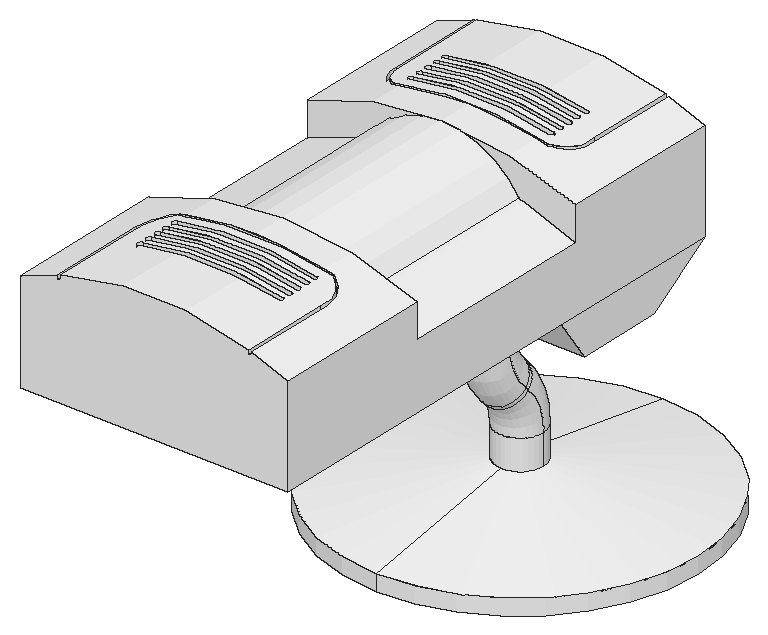
Revit family "Sensor-Lutron-Wall_Mount-Occupancy-12ft-LOS-WDT", category Lighting Devices, host Face, Revit 2017
Family settings
  Host = Face
  Maintain Annotation Orientation = Yes
  Round Connector Dimension = Use Diameter
  Part Type = Normal
  OmniClass Number = 23.85.80.11.27
  OmniClass Title = Lighting Controls
  Cut with Voids When Loaded = No
  Shared = No
  Room Calculation Point = No
Parameters (values of type "LOS-WDT-R-WH")
  Warranty URL = "http://www.lutron.com/en-US/Service-Support/Pages/Service/Warranty/Warranty.aspx"
  Voltage Comments = "20-24VDC"
  Video Link = "https://www.youtube.com/user/LutronElectronicsInc"
  Version = "2017 - v1.0b"  # constant formula
  Ultrasonic Minor Motion Detection [instance] = no
  Ultrasonic Major Motion Detection [instance] = no
  Ultrasonic Minor Motion = 23' - 0"  # constant formula
  Ultrasonic Major Motion = 32' - 0"  # constant formula
  Support Phone = "(224) 699-9545"  # constant formula
  Support Email = "mailto: support@anguleris.com"
  Series = "LOS-W"  # constant formula
  Sensor Material = Plastic-Lutron-White-Gloss
  Range Diagram Height = 12' - 0"  # constant formula
  Product Page URL = "http://www.lutron.com/en-US/products/Pages/sensors/occupancy-vacancy/loswseries/overview.aspx"
  Product Name = "Dual Technology Wall Mount Occupancy Sensor"
  Product Documentation Link = "http://www.lutron.com/TechnicalDocumentLibrary/LOS-WDT%20Series.pdf"
  Performance URL = "http://www.lutron.com/en-US/Service-Support/Pages/Technical/PerfomanceSpecs.aspx"
  Nominal Width = 0' - 3 77/128"  # constant formula
  Nominal Height = 0' - 6 13/32"  # constant formula
  Nominal Depth = 0' - 3 115/128"  # constant formula
  URL = "http://www.lutron.com"
  Type Comments = ""
  Model = "LOS-WDT-R-WH"
  Manufacturer Phone Number = "610-282-3800"  # constant formula
  Manufacturer Fax Number = "610-282-1243"  # constant formula
  Manufacturer Email = "mailto:support@lutron.com"
  Manufacturer Address = "7200 Suter Rd, Coopersburg, PA 18036"  # constant formula
  Manufacturer = "Lutron Electronics Co., Inc"  # constant formula
  Keynote = ""
  Instruction Sheet Link = "http://www.lutron.com/TechnicalDocumentLibrary/031259a.pdf"
  Infrared Minor Motion Detection [instance] = no
  Infrared Minor Motion = 20' - 0"  # constant formula
  Infrared Major Motion Detection [instance] = no
  Infrared Major Motion = 40' - 0"  # constant formula
  Height = 0' - 5 1/4"  # constant formula
  Field of View = 110.00°
  Description = "Dual Technology Wall Mount Occupancy Sensor"
  Default Elevation = 6' - 0"
  Coverage = 1600.00 SF
  Cost Info = "mailto:sales@lutron.com"
  Cost = 0
  Copyright = "© 2019 Lutron Electronics Co., Inc."  # constant formula
  Assembly Code = "D5030800"
Types (2): name | Model | Default Elevation
  LOS-WDT-R-WH | "LOS-WDT-R-WH" | 6' - 0"
  LOS-WDT-WH | "LOS-WDT-WH" | 8' - 0"
Reference planes (in)
  plane 1 "Center (Front/Back)": y = 0
  plane 2: z = 0
  plane 3 "Center (Left/Right)": x = 0
  plane 4: x = -1.80078
  plane 5: x = 1.80078
  plane 6: y = 1.8
  plane 7: z = 3.89844
  plane 8: x = 1.34961
  plane 9: x = -1.34961
  plane 10: y = 0.63762
  plane 11: y = -4.61238
  plane 12: y = -1.98738
Forms (in)
  Extrusion 1, solid, material "Plastic-Lutron-White-Gloss" <- "Sensor Material"
    sketch origin (11.26288, -5.86238, 11.87143) x (1, 0, 0) y (0, 0, -1)
      loop
        arc (-12.61249, 8.25928) -> (-11.26288, 7.97298) -> (-9.91328, 8.25928) r 3.32416
        line (-9.91328, 8.25928) -> (-9.91328, 9.26528) -> (-12.61249, 9.26528) -> (-12.61249, 8.25928)
    from 1.25 to 6.5
  Extrusion 2, solid, material "Plastic-Lutron-White-Gloss" <- "Sensor Material"
    sketch origin (0, -6.17006, 1.35771) x (0, 0, 1) y (0, -1, 0)
      loop
        line (0.83206, -6.17006) -> (1.24844, -6.80768) -> (1.24844, -5.00864) -> (0.83206, -5.30019) -> (0.83206, -6.17006)
    from -1.34961 to 1.34961
  Extrusion 3, void, detail levels medium+fine
    sketch origin (11.26288, -5.98738, 3.96126) x (1, 0, 0) y (0, 0, -1)
      loop
        arc (-12.61249, 0.28785) -> (-11.26288, 0.00618) -> (-9.91328, 0.28785) r 3.37409
        line (-9.91328, 0.28785) -> (-9.91328, 0.69358)
        arc (-9.91328, 0.69358) -> (-11.26288, 0.39364) -> (-12.61249, 0.69358) r 3.18633
        line (-12.61249, 0.69358) -> (-12.61249, 0.28785)
    from 3 to 5
  Sweep 4, solid, material "Plastic-Lutron-White-Gloss" <- "Sensor Material"
    path origin (0, -6.36238, 3.9) x (0, 0, -1) y (0, 1, 0)
      loop
        line (1.71024, 5.92744) -> (2.16622, 5.92744)
        arc (2.16622, 5.92744) -> (2.43786, 5.98148) -> (2.66814, 6.13535) r 0.70982
        line (2.66814, 6.13535) -> (2.70111, 6.16831)
        arc (2.70111, 6.16831) -> (2.91607, 6.31194) -> (3.16963, 6.36238) r 0.66259
        line (3.16963, 6.36238) -> (3.47292, 6.36238)
    profile origin (0, -0.43494, 1.96177) x (1, 0, 0) y (0, 1, 0)
      loop
        circle (0, 0) r 0.23664
  Extrusion 5, solid, material "Plastic-Lutron-Clear"
    sketch origin (0, -1.68932, -0.16738) x (1, 0, 0) y (0, 0, 1)
      loop
        arc (-0.77556, 3.63917) -> (0, 3.735) -> (0.77556, 3.63917) r 3.18633
        arc (0.77556, 3.63917) -> (0, 4.06582) -> (-0.77556, 3.63917) r 0.91822
    from -0.70194 to 1.29806
  Extrusion 6, void, detail levels medium+fine
    sketch origin (0, -1.68932, -0.3033) x (1, 0, 0) y (0, 1, 0)
      loop
        arc (-0.7002, 1.65104) -> (-0.72642, 1.62482) -> (-0.7002, 1.5986) r 0.02622
        line (-0.7002, 1.5986) -> (0.71192, 1.5986)
        arc (0.71192, 1.5986) -> (0.73814, 1.62482) -> (0.71192, 1.65104) r 0.02622
        line (0.71192, 1.65104) -> (-0.7002, 1.65104)
      loop
        line (-0.97402, 2.32694) -> (-0.97402, 1.33689)
        arc (-0.97402, 1.33689) -> (-0.91632, 1.16066) -> (-0.77824, 1.03688) r 0.35824
        line (-0.77824, 1.03688) -> (0.78995, 1.03688)
        arc (0.78995, 1.03688) -> (0.93828, 1.17732) -> (0.98574, 1.37599) r 0.35824
        line (0.98574, 1.37599) -> (0.98574, 2.32694) -> (0.95475, 2.32694) -> (0.95475, 1.42956)
        arc (0.95475, 1.42956) -> (0.93199, 1.21608) -> (0.78425, 1.06032) r 0.3348
        line (0.78425, 1.06032) -> (-0.77254, 1.06032)
        arc (-0.77254, 1.06032) -> (-0.92027, 1.21608) -> (-0.94303, 1.42956) r 0.3348
        line (-0.94303, 1.42956) -> (-0.94303, 2.32694) -> (-0.97402, 2.32694)
      loop
        arc (-0.7002, 1.54228) -> (-0.72642, 1.51606) -> (-0.7002, 1.48984) r 0.02622
        line (-0.7002, 1.48984) -> (0.71192, 1.48984)
        arc (0.71192, 1.48984) -> (0.73814, 1.51606) -> (0.71192, 1.54228) r 0.02622
        line (0.71192, 1.54228) -> (-0.7002, 1.54228)
      loop
        arc (-0.7002, 1.43352) -> (-0.72642, 1.4073) -> (-0.7002, 1.38108) r 0.02622
        line (-0.7002, 1.38108) -> (0.71192, 1.38108)
        arc (0.71192, 1.38108) -> (0.73814, 1.4073) -> (0.71192, 1.43352) r 0.02622
        line (0.71192, 1.43352) -> (-0.7002, 1.43352)
      loop
        arc (-0.7002, 1.32476) -> (-0.72642, 1.29854) -> (-0.7002, 1.27232) r 0.02622
        line (-0.7002, 1.27232) -> (0.71192, 1.27232)
        arc (0.71192, 1.27232) -> (0.73814, 1.29854) -> (0.71192, 1.32476) r 0.02622
        line (0.71192, 1.32476) -> (-0.7002, 1.32476)
      loop
        arc (-0.7002, 1.216) -> (-0.72642, 1.18978) -> (-0.7002, 1.16356) r 0.02622
        line (-0.7002, 1.16356) -> (0.71192, 1.16356)
        arc (0.71192, 1.16356) -> (0.73814, 1.18978) -> (0.71192, 1.216) r 0.02622
        line (0.71192, 1.216) -> (-0.7002, 1.216)
      loop
        line (-0.7002, -2.24716) -> (0.71192, -2.24716)
        arc (0.71192, -2.24716) -> (0.73814, -2.22094) -> (0.71192, -2.19472) r 0.02622
        line (0.71192, -2.19472) -> (-0.7002, -2.19472)
        arc (-0.7002, -2.19472) -> (-0.72642, -2.22094) -> (-0.7002, -2.24716) r 0.02622
      loop
        line (-0.97402, -2.92306) -> (-0.94303, -2.92306) -> (-0.94303, -2.02568)
        arc (-0.94303, -2.02568) -> (-0.92027, -1.81221) -> (-0.77254, -1.65644) r 0.3348
        line (-0.77254, -1.65644) -> (0.78425, -1.65644)
        arc (0.78425, -1.65644) -> (0.93199, -1.81221) -> (0.95475, -2.02568) r 0.3348
        line (0.95475, -2.02568) -> (0.95475, -2.92306) -> (0.98574, -2.92306) -> (0.98574, -1.97211)
        arc (0.98574, -1.97211) -> (0.93828, -1.77344) -> (0.78995, -1.63301) r 0.35824
        line (0.78995, -1.63301) -> (-0.77824, -1.63301)
        arc (-0.77824, -1.63301) -> (-0.91632, -1.75678) -> (-0.97402, -1.93301) r 0.35824
        line (-0.97402, -1.93301) -> (-0.97402, -2.92306)
      loop
        line (-0.7002, -2.1384) -> (0.71192, -2.1384)
        arc (0.71192, -2.1384) -> (0.73814, -2.11218) -> (0.71192, -2.08596) r 0.02622
        line (0.71192, -2.08596) -> (-0.7002, -2.08596)
        arc (-0.7002, -2.08596) -> (-0.72642, -2.11218) -> (-0.7002, -2.1384) r 0.02622
      loop
        line (-0.7002, -2.02964) -> (0.71192, -2.02964)
        arc (0.71192, -2.02964) -> (0.73814, -2.00342) -> (0.71192, -1.9772) r 0.02622
        line (0.71192, -1.9772) -> (-0.7002, -1.9772)
        arc (-0.7002, -1.9772) -> (-0.72642, -2.00342) -> (-0.7002, -2.02964) r 0.02622
      loop
        line (-0.7002, -1.92088) -> (0.71192, -1.92088)
        arc (0.71192, -1.92088) -> (0.73814, -1.89466) -> (0.71192, -1.86844) r 0.02622
        line (0.71192, -1.86844) -> (-0.7002, -1.86844)
        arc (-0.7002, -1.86844) -> (-0.72642, -1.89466) -> (-0.7002, -1.92088) r 0.02622
      loop
        line (-0.7002, -1.81212) -> (0.71192, -1.81212)
        arc (0.71192, -1.81212) -> (0.73814, -1.7859) -> (0.71192, -1.75968) r 0.02622
        line (0.71192, -1.75968) -> (-0.7002, -1.75968)
        arc (-0.7002, -1.75968) -> (-0.72642, -1.7859) -> (-0.7002, -1.81212) r 0.02622
    from 4.01929 to 4.32674
  Revolve 7, solid, material "Plastic-Lutron-White-Gloss" <- "Sensor Material"
    sketch origin (0, 0, 0) x (0, 1, 0) y (0, 0, 1)
      loop
        line (0, 0.42864) -> (0, 0) -> (1.8, 0) -> (1.8, 0.16422) -> (0.23664, 0.42864) -> (0, 0.42864)
      axis (0, 0.42864) -> (0, 0)
    angle from 0 to 360
  Extrusion 8, solid, material "Infrared Minor Motion Detection", visible <- "Infrared Minor Motion Detection"
    sketch origin (0, 0, 0) x (1, 0, 0) y (0, 0, 1)
      loop
        line (-240, 0) -> (240, 0)
        arc (240, 0) -> (0, 240) -> (-240, 0) r 240
    from -1.8 to -1.675
  Extrusion 9, void
    sketch origin (0, 0, 0) x (1, 0, 0) y (0, 0, 1)
      loop
        arc (24.98185, 479.34946) -> (0, 480) -> (-24.98185, 479.34946) r 480
        line (-24.98185, 479.34946) -> (-0.06981, 3.99939)
        arc (-0.06981, 3.99939) -> (0, 4) -> (0.06981, 3.99939) r 4
        line (0.06981, 3.99939) -> (24.98185, 479.34946)
      loop
        arc (480, 0) -> (460.25109, 136.26787) -> (402.62945, 261.32264) r 480
        line (402.62945, 261.32264) -> (3.42066, 2.07342)
        arc (3.42066, 2.07342) -> (3.55661, 1.83045) -> (3.67532, 1.5786) r 4
        line (3.67532, 1.5786) -> (189.74119, 89.99044)
        arc (189.74119, 89.99044) -> (193.06097, 82.62846) -> (196.09522, 75.14429) r 210
        line (196.09522, 75.14429) -> (3.77598, 1.31985)
        arc (3.77598, 1.31985) -> (3.79844, 1.25374) -> (3.81974, 1.18726) r 4
        line (3.81974, 1.18726) -> (199.73769, 64.84486)
        arc (199.73769, 64.84486) -> (201.9811, 57.47725) -> (203.95285, 50.03232) r 210
        line (203.95285, 50.03232) -> (3.8929, 0.91943)
        arc (3.8929, 0.91943) -> (3.93554, 0.71519) -> (3.96748, 0.50901) r 4
        line (3.96748, 0.50901) -> (136.31939, 21.47149)
        arc (136.31939, 21.47149) -> (137.00452, 16.54575) -> (137.51172, 11.59853) r 138
        line (137.51172, 11.59853) -> (3.98283, 0.37024)
        arc (3.98283, 0.37024) -> (3.99328, 0.23178) -> (3.99892, 0.09305) r 4
        line (3.99892, 0.09305) -> (137.93018, 4.38914)
        arc (137.93018, 4.38914) -> (137.98254, 2.19485) -> (138, 0) r 138
        line (138, 0) -> (480, 0)
      loop
        line (-480, 0) -> (-138, 0)
        arc (-138, 0) -> (-137.98254, 2.19485) -> (-137.93018, 4.38914) r 138
        line (-137.93018, 4.38914) -> (-3.99892, 0.09305)
        arc (-3.99892, 0.09305) -> (-3.99328, 0.23178) -> (-3.98283, 0.37024) r 4
        line (-3.98283, 0.37024) -> (-137.51172, 11.59853)
        arc (-137.51172, 11.59853) -> (-137.00452, 16.54575) -> (-136.31939, 21.47149) r 138
        line (-136.31939, 21.47149) -> (-3.96748, 0.50901)
        arc (-3.96748, 0.50901) -> (-3.93554, 0.71519) -> (-3.8929, 0.91943) r 4
        line (-3.8929, 0.91943) -> (-203.95285, 50.03232)
        arc (-203.95285, 50.03232) -> (-201.9811, 57.47725) -> (-199.73769, 64.84486) r 210
        line (-199.73769, 64.84486) -> (-3.81974, 1.18726)
        arc (-3.81974, 1.18726) -> (-3.79844, 1.25374) -> (-3.77598, 1.31985) r 4
        line (-3.77598, 1.31985) -> (-196.09522, 75.14429)
        arc (-196.09522, 75.14429) -> (-193.06097, 82.62846) -> (-189.74119, 89.99044) r 210
        line (-189.74119, 89.99044) -> (-3.67532, 1.5786)
        arc (-3.67532, 1.5786) -> (-3.55661, 1.83045) -> (-3.42066, 2.07342) r 4
        line (-3.42066, 2.07342) -> (-408.29236, 252.38334)
        arc (-408.29236, 252.38334) -> (-461.72521, 131.18626) -> (-480, 0) r 480
      loop
        arc (115.75325, 465.83386) -> (91.3518, 471.22696) -> (66.70274, 475.34277) r 480
        line (66.70274, 475.34277) -> (0.69262, 3.93958)
        arc (0.69262, 3.93958) -> (0.76127, 3.92689) -> (0.82968, 3.91301) r 4
        line (0.82968, 3.91301) -> (115.75325, 465.83386)
      loop
        arc (202.29336, 435.29001) -> (179.3643, 445.22854) -> (155.94906, 453.96023) r 480
        line (155.94906, 453.96023) -> (1.42972, 3.73576)
        arc (1.42972, 3.73576) -> (1.4947, 3.71024) -> (1.55923, 3.68359) r 4
        line (1.55923, 3.68359) -> (202.29336, 435.29001)
      loop
        arc (294.83746, 378.77549) -> (274.7243, 393.60711) -> (253.86648, 407.37183) r 480
        line (253.86648, 407.37183) -> (2.23178, 3.31951)
        arc (2.23178, 3.31951) -> (2.28937, 3.28006) -> (2.34627, 3.2396) r 4
        line (2.34627, 3.2396) -> (294.83746, 378.77549)
      loop
        arc (367.65129, 308.59768) -> (353.58828, 324.61566) -> (338.82801, 339.9935) r 480
        line (338.82801, 339.9935) -> (2.91993, 2.73386)
        arc (2.91993, 2.73386) -> (2.9672, 2.68249) -> (3.01356, 2.63029) r 4
        line (3.01356, 2.63029) -> (367.65129, 308.59768)
      loop
        line (-115.75325, 465.83386) -> (-0.82968, 3.91301)
        arc (-0.82968, 3.91301) -> (-0.76127, 3.92689) -> (-0.69262, 3.93958) r 4
        line (-0.69262, 3.93958) -> (-66.70274, 475.34277)
        arc (-66.70274, 475.34277) -> (-91.3518, 471.22696) -> (-115.75325, 465.83386) r 480
      loop
        line (-202.29336, 435.29001) -> (-1.55923, 3.68359)
        arc (-1.55923, 3.68359) -> (-1.4947, 3.71024) -> (-1.42972, 3.73576) r 4
        line (-1.42972, 3.73576) -> (-155.94906, 453.96023)
        arc (-155.94906, 453.96023) -> (-179.3643, 445.22854) -> (-202.29336, 435.29001) r 480
      loop
        line (-294.83746, 378.77549) -> (-2.34627, 3.2396)
        arc (-2.34627, 3.2396) -> (-2.28937, 3.28006) -> (-2.23178, 3.31951) r 4
        line (-2.23178, 3.31951) -> (-253.86648, 407.37183)
        arc (-253.86648, 407.37183) -> (-274.7243, 393.60711) -> (-294.83746, 378.77549) r 480
      loop
        line (-378.1113, 295.68876) -> (-3.01356, 2.63029)
        arc (-3.01356, 2.63029) -> (-2.9672, 2.68249) -> (-2.91993, 2.73386) r 4
        line (-2.91993, 2.73386) -> (-338.82801, 339.9935)
        arc (-338.82801, 339.9935) -> (-359.15348, 318.44745) -> (-378.1113, 295.68876) r 480
    from -1.8 to -1.675
  Extrusion 10, solid, material "Ultrasonic Minor Motion Detection", visible <- "Ultrasonic Minor Motion Detection"
    sketch origin (0, 0, 0) x (1, 0, 0) y (0, 0, 1)
      loop
        line (-90.25931, 0) -> (90.25931, 0)
        arc (90.25931, 0) -> (124.01708, 13.98292) -> (138, 47.74069) r 47.74069
        line (138, 47.74069) -> (138, 228.25931)
        arc (138, 228.25931) -> (124.01708, 262.01708) -> (90.25931, 276) r 47.74069
        line (90.25931, 276) -> (-90, 276)
        arc (-90, 276) -> (-123.94113, 261.94113) -> (-138, 228) r 48
        line (-138, 228) -> (-138, 47.74069)
        arc (-138, 47.74069) -> (-124.01708, 13.98292) -> (-90.25931, 0) r 47.74069
    from -1.8 to -1.675
  Extrusion 11, solid, material "Ultrasonic Major Motion Detection", visible <- "Ultrasonic Major Motion Detection"
    sketch origin (0, 0, 0) x (1, 0, 0) y (0, 0, 1)
      loop
        line (-144, 0) -> (144, 0)
        arc (144, 0) -> (177.94113, 14.05887) -> (192, 48) r 48
        line (192, 48) -> (192, 336)
        arc (192, 336) -> (177.94113, 369.94113) -> (144, 384) r 48
        line (144, 384) -> (-144, 384)
        arc (-144, 384) -> (-177.94113, 369.94113) -> (-192, 336) r 48
        line (-192, 336) -> (-192, 48)
        arc (-192, 48) -> (-177.94113, 14.05887) -> (-144, 0) r 48
    from -1.76723 to -1.70186
  Extrusion 12, solid, material "Infrared Major Motion Detection", visible <- "Infrared Major Motion Detection"
    sketch origin (0, 0, 0) x (1, 0, 0) y (0, 0, 1)
      loop
        line (-480, 0) -> (480, 0)
        arc (480, 0) -> (0, 480) -> (-480, 0) r 480
    from -1.76723 to -1.70186
Cuts and joins
  Extrusion 3, Extrusion 6, Extrusion 9 cuts Extrusion 1
  Extrusion 9 cuts Extrusion 2
  Extrusion 9 cuts Sweep 4
  Extrusion 9 cuts Extrusion 5
  Extrusion 9 cuts Extrusion 8
  Extrusion 9 cuts Extrusion 12
Lines and regions (in)
  symbolic lines, detail levels fine
    curve 1: line (-0.23664, 0, 0.42864) -> (-0.23664, 0, 2.18976)
    curve 2: line (0.23664, 0, 0.42864) -> (0.23664, 0, 2.18976)
    curve 3: line (1.80078, 0, 0.16422) -> (1.80078, 0, 0)
    curve 4: line (1.80078, 0, 0) -> (-1.80078, 0, 0)
    curve 5: line (-1.80078, 0, 0) -> (-1.80078, 0, 0.16422)
    curve 6: line (-0.23664, 0, 0.42864) -> (0.23664, 0, 0.42864)
    curve 7: line (-1.80078, 0, 0.16422) -> (-0.23664, 0, 0.42864)
    curve 8: line (1.80078, 0, 0.16422) -> (0.23664, 0, 0.42864)
    curve 9: line (-1.34961, 0, 2.18976) -> (1.34961, 0, 2.18976)
    curve 10: arc (-1.34961, 0, 3.61214) -> (0, 0, 3.89844) -> (1.34961, 0, 3.61214) r 3.32416
    curve 11: line (1.34961, 0, 2.18976) -> (1.34961, 0, 3.61214)
    curve 12: line (-1.34961, 0, 3.61214) -> (-1.34961, 0, 2.18976)
Dimensions and locks (in)
  equal spacing: plane 4, plane 3 "Center (Left/Right)", plane 5
  "Nominal Width": plane 4 to plane 5
  locked: plane 1 "Center (Front/Back)" to plane 6 at 1.8
  locked: Revolve 7 sketch curve to plane 6 at 1.56336
  plane 2 to Revolve 7 sketch curve to Revolve 7 sketch curve = 0' - 0.16422" locked, 0' - 0.26442" locked
  Extrusion 2 sketch curve to Extrusion 2 sketch curve to Extrusion 2 sketch curve to plane 1 "Center (Front/Back)" to Extrusion 2 sketch curve = 0' - 0.29155" locked, 0' - 0.86987" locked, 0' - 0" locked, 0' - 0.63762" locked
  equal spacing: plane 9, plane 3 "Center (Left/Right)", plane 8
  locked: plane 9 to plane 8 at 2.69922
  locked: plane 7 to Extrusion 1 sketch curve at 3.32416
  "Nominal Depth": plane 2 to plane 7
  "Height": plane 11 to plane 10
  locked: plane 10 to plane 6 at 1.16238
  equal spacing: plane 11, plane 12, plane 10
  equal spacing: cut or joined group of Extrusion 1, Extrusion 3, Extrusion 6, Extrusion 9, plane 12, cut or joined group of Extrusion 1, Extrusion 3, Extrusion 6, Extrusion 9
  locked: cut or joined group of Extrusion 1, Extrusion 3, Extrusion 6, Extrusion 9 to cut or joined group of Extrusion 1, Extrusion 3, Extrusion 6, Extrusion 9 at 2
  locked: plane 7 to Extrusion 3 sketch curve at 3.31745
  locked: plane 7 to Extrusion 3 sketch curve at 3.51715
  locked: plane 7 to Extrusion 5 sketch curve at 0.91822
  locked: Extrusion 6 to plane 7 at 0.125
  locked: plane 7 to cut or joined group of Extrusion 1, Extrusion 3, Extrusion 6, Extrusion 9 at 0.18245
  "Ultrasonic Minor Motion": Extrusion 10 sketch curve to Extrusion 10 sketch curve  (x2)
  equal spacing: Extrusion 10 sketch curve, plane 3 "Center (Left/Right)", Extrusion 10 sketch curve
  "Ultrasonic Major Motion": Extrusion 11 sketch curve to Extrusion 11 sketch curve  (x2)
  equal spacing: Extrusion 11 sketch curve, plane 3 "Center (Left/Right)", Extrusion 11 sketch curve, locked at 192 each
  equal spacing: Extrusion 12 sketch curve, plane 3 "Center (Left/Right)", Extrusion 12 sketch curve, locked at 480 each
  "Infrared Major Motion": Extrusion 12 sketch curve to Extrusion 12 sketch curve
  cut or joined group of Extrusion 8, Extrusion 9 to Extrusion 12 to Extrusion 12 to cut or joined group of Extrusion 8, Extrusion 9 = 0' - 0.03277" locked, 0' - 0.06536" locked, 0' - 0.02686" locked
  locked: cut or joined group of Extrusion 1, Extrusion 3, Extrusion 6, Extrusion 9 to plane 7 at 1.29229
  locked: Extrusion 1 sketch curve to Extrusion 1 sketch curve at 1.2923
  plane 1 "Center (Front/Back)" to Sweep 4 sketch curve to Sweep 4 sketch curve to Sweep 4 sketch curve = 0' - 0" locked, 0' - 0.22703" locked, 0' - 0.2079" locked
  locked: Sweep 4 sketch curve to plane 2 at 0.42708
  locked: Sweep 4 sketch curve to plane 7 at 1.70867
  "Infrared Minor Motion": radius of Extrusion 8 sketch curve
  radius of Extrusion 9 sketch curve = 40' - 0"
  aligned and locked: plane 2 to host face
  aligned and locked: level to host face
  aligned and locked: plane 1 "Center (Front/Back)" to Revolve 7 sketch curve
  aligned and locked: Revolve 7 sketch curve to plane 6
  aligned and locked: Revolve 7 sketch curve to plane 2
  aligned and locked: Extrusion 2 sketch curve to cut or joined group of Extrusion 1, Extrusion 3, Extrusion 6, Extrusion 9
  aligned and locked: Extrusion 2 sketch curve to Sweep 4
  aligned and locked: plane 9 to Extrusion 2
  aligned and locked: Extrusion 2 to plane 8
  aligned and locked: plane 9 to Extrusion 1 sketch curve
  aligned and locked: plane 8 to Extrusion 1 sketch curve
  aligned and locked: plane 10 to cut or joined group of Extrusion 1, Extrusion 3, Extrusion 6, Extrusion 9
  aligned and locked: plane 11 to cut or joined group of Extrusion 1, Extrusion 3, Extrusion 6, Extrusion 9
  aligned and locked: Extrusion 6 to plane 10  (x2)
  aligned and locked: cut or joined group of Extrusion 1, Extrusion 3, Extrusion 6, Extrusion 9 to Extrusion 5  (x2)
  aligned and locked: plane 9 to Extrusion 3 sketch curve
  aligned and locked: plane 8 to Extrusion 3 sketch curve
  aligned and locked: Extrusion 5 sketch curve to cut or joined group of Extrusion 1, Extrusion 3, Extrusion 6, Extrusion 9
  aligned and locked: Extrusion 6 sketch curve to plane 11
  aligned and locked: plane 11 to Extrusion 6 sketch curve
  aligned and locked: Extrusion 6 sketch curve to Extrusion 6 sketch curve  (x4)
  aligned and locked: plane 10 to Extrusion 6 sketch curve
  aligned and locked: Extrusion 6 sketch curve to plane 10
  aligned and locked: Extrusion 8 to plane 6
  aligned and locked: Extrusion 9 to plane 6
  aligned: Extrusion 10 to plane 1 "Center (Front/Back)"
  aligned and locked: Extrusion 10 to plane 2
  aligned and locked: Extrusion 11 sketch curve to plane 2
  aligned: Extrusion 11 to plane 1 "Center (Front/Back)"
  aligned: Extrusion 10 to plane 10
  aligned and locked: cut or joined group of Sweep 4, Extrusion 9 to curve 1
  aligned and locked: cut or joined group of Sweep 4, Extrusion 9 to curve 2
  aligned and locked: plane 5 to curve 3
  aligned and locked: curve 6 to Revolve 7
  aligned and locked: curve 5 to curve 5
  aligned and locked: curve 5 to Revolve 7
  aligned and locked: Revolve 7 to curve 3
  aligned and locked: plane 2 to curve 4
  aligned and locked: curve 9 to cut or joined group of Extrusion 2, Extrusion 9
  aligned and locked: curve 10 to cut or joined group of Extrusion 1, Extrusion 3, Extrusion 6, Extrusion 9
  aligned and locked: curve 11 to cut or joined group of Extrusion 1, Extrusion 3, Extrusion 6, Extrusion 9
  aligned and locked: curve 12 to cut or joined group of Extrusion 1, Extrusion 3, Extrusion 6, Extrusion 9
  aligned and locked: Extrusion 12 sketch curve to plane 2
  aligned and locked: cut or joined group of Extrusion 8, Extrusion 9 to Extrusion 10  (x2)
  aligned and locked: cut or joined group of Extrusion 9, Extrusion 12 to Extrusion 11  (x2)
  aligned and locked: plane 1 "Center (Front/Back)" to nested 1
  aligned and locked: plane 3 "Center (Left/Right)" to nested 1
  aligned and locked: Extrusion 8 sketch curve to plane 2
  aligned and locked: plane 3 "Center (Left/Right)" to Extrusion 8 sketch curve
  aligned and locked: plane 3 "Center (Left/Right)" to Extrusion 9 sketch curve
  aligned and locked: plane 2 to Extrusion 9 sketch curve  (x2)
Automatic sketch dimensions
  host sketch curve to host sketch curve = 8' - 0"  (x2)
  Extrusion 3 sketch curve to plane 3 "Center (Left/Right)" = 0' - 0"  (x2)
  plane 7 to Extrusion 3 sketch curve = 0' - 0.22503"
  Extrusion 3 sketch curve to Extrusion 3 sketch curve = 0' - 0.40573"
  Sweep 4 sketch curve to plane 1 "Center (Front/Back)" = 0' - 0.27489"
  Sweep 4 sketch curve to Sweep 4 sketch curve = 0' - 0.45598"
  Sweep 4 sketch curve to Sweep 4 sketch curve = 0' - 0.03297"
  Sweep 4 sketch curve to Sweep 4 sketch curve = 0' - 0.30329"
  Sweep 4 sketch curve to Sweep 4 sketch curve = 0' - 0.66259"
  profile plane to Sweep 4 sketch curve = 0' - 0"
  Sweep 4 sketch curve to profile plane = 0' - 0"
  Extrusion 5 sketch curve to plane 3 "Center (Left/Right)" = 0' - 0"
  plane 7 to Extrusion 5 sketch curve = 0' - 0.42665"
  Revolve 7 sketch curve to plane 1 "Center (Front/Back)" = 0' - 0"
  Revolve 7 sketch curve to level = 0' - 0.45822"
  Revolve 7 sketch curve to Revolve 7 sketch curve = 0' - 0.61314"
  Extrusion 1 sketch curve to plane 3 "Center (Left/Right)" = 0' - 0"
  plane 7 to Extrusion 1 sketch curve = 0' - 0.28629"
  Extrusion 6 sketch curve to Extrusion 6 sketch curve = 0' - 0"  (x25)
  Extrusion 6 sketch curve to Extrusion 6 sketch curve = 0' - 0.19578"
  Extrusion 6 sketch curve to Extrusion 6 sketch curve = 0' - 0.0057"  (x4)
  Extrusion 6 sketch curve to Extrusion 6 sketch curve = 0' - 0.24283"  (x3)
  Extrusion 6 sketch curve to Extrusion 6 sketch curve = 0' - 0.08389"  (x5)
  Extrusion 6 sketch curve to Extrusion 6 sketch curve = 0' - 0.07234"  (x2)
  Extrusion 6 sketch curve to Extrusion 6 sketch curve = 0' - 0.00397"  (x2)
  Extrusion 6 sketch curve to Extrusion 6 sketch curve = 0' - 0.02464"
  Extrusion 6 sketch curve to Extrusion 6 sketch curve = 0' - 0.31955"
  Extrusion 6 sketch curve to Extrusion 6 sketch curve = 0' - 0.01213"
  Extrusion 6 sketch curve to Extrusion 6 sketch curve = 0' - 0.10324"
  Extrusion 6 sketch curve to Extrusion 6 sketch curve = 0' - 0.02622"  (x10)
  Extrusion 6 sketch curve to Extrusion 6 sketch curve = 0' - 0.05632"  (x8)
  plane 1 "Center (Front/Back)" to Extrusion 6 sketch curve = 0' - 0.65244"
  Extrusion 6 sketch curve to Extrusion 6 sketch curve = 0' - 0 3/128"
  Extrusion 6 sketch curve to Extrusion 6 sketch curve = 0' - 0.05357"
  Extrusion 6 sketch curve to plane 9 = 0' - 0.37559"
  Extrusion 6 sketch curve to Extrusion 6 sketch curve = 0' - 0.03099"  (x2)
  Extrusion 6 sketch curve to Extrusion 6 sketch curve = 0' - 0.07804"
  plane 3 "Center (Left/Right)" to Extrusion 6 sketch curve = 0' - 0.62803"  (x2)
  Extrusion 6 sketch curve to plane 11 = 0' - 0.6759"
  Extrusion 9 sketch curve to Extrusion 9 sketch curve = 0' - 0"  (x66)
  Extrusion 9 sketch curve to plane 3 "Center (Left/Right)" = 0' - 0"
  Extrusion 9 sketch curve to plane 3 "Center (Left/Right)" = 0' - 0.06981"
  Extrusion 9 sketch curve to plane 7 = 0' - 0.04114"  (x2)
  Extrusion 9 sketch curve to Extrusion 9 sketch curve = 0' - 0.62281"  (x2)
  Extrusion 9 sketch curve to plane 7 = 0' - 0.01457"  (x2)
  plane 9 to Extrusion 9 sketch curve = 0' - 0.08011"
  Extrusion 9 sketch curve to Extrusion 9 sketch curve = 0' - 0.12951"  (x2)
  plane 4 to Extrusion 9 sketch curve = 0' - 0.43099"
  Extrusion 9 sketch curve to Extrusion 9 sketch curve = 0' - 0.11449"  (x2)
  Extrusion 9 sketch curve to Extrusion 9 sketch curve = 0' - 0.57367"  (x2)
  Extrusion 9 sketch curve to Extrusion 9 sketch curve = 0' - 0.09363"  (x2)
  Extrusion 9 sketch curve to Extrusion 9 sketch curve = 0' - 0.4071"  (x2)
  Extrusion 9 sketch curve to Extrusion 9 sketch curve = 0' - 0.25466"  (x2)
  Extrusion 9 sketch curve to Extrusion 9 sketch curve = 0' - 0.10065"  (x2)
  Extrusion 9 sketch curve to Extrusion 9 sketch curve = 0' - 0.04376"  (x2)
  level to Extrusion 9 sketch curve = 0' - 0.91943"  (x2)
  Extrusion 9 sketch curve to Extrusion 9 sketch curve = 0' - 0.07316"  (x2)
  level to Extrusion 9 sketch curve = 0' - 0.50901"  (x2)
  Extrusion 9 sketch curve to Extrusion 9 sketch curve = 0' - 0.01535"  (x2)
  level to Extrusion 9 sketch curve = 0' - 0.09305"  (x2)
  Extrusion 9 sketch curve to Extrusion 9 sketch curve = 0' - 0.01609"
  plane 4 to Extrusion 9 sketch curve = 1' - 11.18107"
  Extrusion 9 sketch curve to Extrusion 9 sketch curve = 3' - 5.72089"  (x2)
  Extrusion 9 sketch curve to Extrusion 9 sketch curve = 4' - 1.05051"  (x2)
  Extrusion 9 sketch curve to plane 7 = 1' - 5.57305"  (x2)
  Extrusion 9 sketch curve to Extrusion 9 sketch curve = 11' - 0.3519"  (x2)
  Extrusion 9 sketch curve to plane 7 = 0' - 7.70009"  (x2)
  Extrusion 9 sketch curve to plane 7 = 0' - 0.4907"  (x2)
  Extrusion 9 sketch curve to Extrusion 9 sketch curve = 0' - 0.41846"  (x2)
  Extrusion 9 sketch curve to Extrusion 9 sketch curve = 3' - 4.19581"  (x2)
  Extrusion 9 sketch curve to plane 7 = 7' - 2.092"
  Extrusion 9 sketch curve to Extrusion 9 sketch curve = 4' - 5.42181"  (x2)
  Extrusion 9 sketch curve to Extrusion 9 sketch curve = 0' - 6.35403"  (x2)
  Extrusion 9 sketch curve to plane 7 = 5' - 0.94642"  (x2)
  Extrusion 9 sketch curve to Extrusion 9 sketch curve = 0' - 3.64247"  (x2)
  Extrusion 9 sketch curve to Extrusion 9 sketch curve = 3' - 10.3443"  (x2)
  Extrusion 9 sketch curve to Extrusion 9 sketch curve = 0' - 4.21517"  (x2)
  Extrusion 9 sketch curve to Extrusion 9 sketch curve = 4' - 3.57312"  (x2)
  Extrusion 9 sketch curve to Extrusion 9 sketch curve = 3' - 4.97098"  (x2)
  Extrusion 9 sketch curve to Extrusion 9 sketch curve = 3' - 7.99055"  (x2)
  Extrusion 9 sketch curve to Extrusion 9 sketch curve = 3' - 3.28329"
  Extrusion 9 sketch curve to Extrusion 9 sketch curve = 2' - 6.18105"
  plane 3 "Center (Left/Right)" to Extrusion 9 sketch curve = 0' - 0.06981"
  Extrusion 9 sketch curve to plane 8 = 0' - 0.08011"
  Extrusion 9 sketch curve to plane 5 = 0' - 0.43099"
  level to Extrusion 9 sketch curve = 0' - 1.18726"
  level to Extrusion 9 sketch curve = 0' - 0.37024"
  Extrusion 9 sketch curve to plane 5 = 1' - 11.18107"
  Extrusion 9 sketch curve to plane 7 = 5' - 11.24585"
  Extrusion 9 sketch curve to Extrusion 9 sketch curve = 2' - 4.82329"
  Extrusion 9 sketch curve to Extrusion 9 sketch curve = 2' - 10.97816"
  Extrusion 9 sketch curve to Extrusion 9 sketch curve = 6' - 5.37055"
  Extrusion 9 sketch curve to Extrusion 9 sketch curve = 0' - 0.26784"
  Extrusion 9 sketch curve to Extrusion 9 sketch curve = 0' - 0.25876"  (x2)
  Extrusion 9 sketch curve to Extrusion 9 sketch curve = 0' - 0.55687"  (x2)
  plane 7 to Extrusion 9 sketch curve = 0' - 0.65883"  (x2)
  plane 7 to Extrusion 9 sketch curve = 0' - 0 55/256"  (x2)
  Extrusion 9 sketch curve to plane 7 = 0' - 0.10095"
  Extrusion 9 sketch curve to Extrusion 9 sketch curve = 3' - 7.30542"
  Extrusion 9 sketch curve to Extrusion 9 sketch curve = 3' - 11.27503"
  Extrusion 9 sketch curve to Extrusion 9 sketch curve = 3' - 2.78199"  (x2)
  Extrusion 9 sketch curve to Extrusion 9 sketch curve = 2' - 3.91818"  (x2)
  Extrusion 9 sketch curve to Extrusion 9 sketch curve = 0' - 11.87363"  (x2)
  Extrusion 9 sketch curve to Extrusion 9 sketch curve = 0' - 4.0067"
  Extrusion 10 sketch curve to Extrusion 10 sketch curve = 3' - 11.74069"  (x3)
  Extrusion 10 sketch curve to Extrusion 10 sketch curve = 4' - 0"
  level to Extrusion 10 sketch curve = 0' - 0"
  Extrusion 11 sketch curve to plane 7 = 3' - 8 13/128"  (x2)
  Extrusion 11 sketch curve to Extrusion 11 sketch curve = 4' - 0"
  Extrusion 11 sketch curve to plane 5 = 11' - 10 51/256"
  plane 4 to curve 4 = 0' - 0"
  radius of Sweep 4 sketch curve = 0' - 0.23664"
Nested families (in)
  nested 1: "Ooccupancy Sensor - Wall" at (0, 0, 0), type "Ooccupancy Sensor - Wall", detail levels coarse+medium
Connectors (in)
  electrical at (0, 0, 0)
    settings: on Revolve 7, index 1, voltage 0 V, apparent load 0 VA, apparent load phase1 0 VA, apparent load phase2 0 VA, apparent load phase3 0 VA, power factor 1, load classification "Other", number of poles 1, system type 13, power factor state 1, is connector primary yes, connector utility no, sub classification motor no, connector description "Lighting Control Connection"
Definition of nested family "Ooccupancy Sensor - Wall"
  Parameters
    Label = "OS"
  Reference planes (in)
    plane 1: y = 0
    plane 2: x = 0
  Lines and regions (in)
    detail lines
      curve 1: line (-0.10156, 0.24626, 0) -> (-0.10156, 0.06462, 0)
      curve 2: line (-0.10156, 0.06462, 0) -> (0.09961, 0.06462, 0)
      curve 3: line (0.09961, 0.06462, 0) -> (0.09961, 0.24626, 0)
      curve 4: line (0.09961, 0.24626, 0) -> (-0.10156, 0.24626, 0)
      curve 5: line (-0.05859, 0, 0) -> (0.05859, 0, 0)
      curve 6: line (0, 0, 0) -> (0, 0.06462, 0)
  Text (in)
    label "OS" at (-0.00197, 0.15314, 0), shows "Label"
  Dimensions and locks (in)
    curve 4 to curve 2 to plane 1 = 0' - 0.18164" locked, 0' - 0.06462" locked
    curve 1 to plane 2 to curve 3 = 0' - 0 13/128" locked, 0' - 0.09961" locked
    aligned and locked: plane 2 to curve 6
    aligned and locked: plane 1 to curve 5
